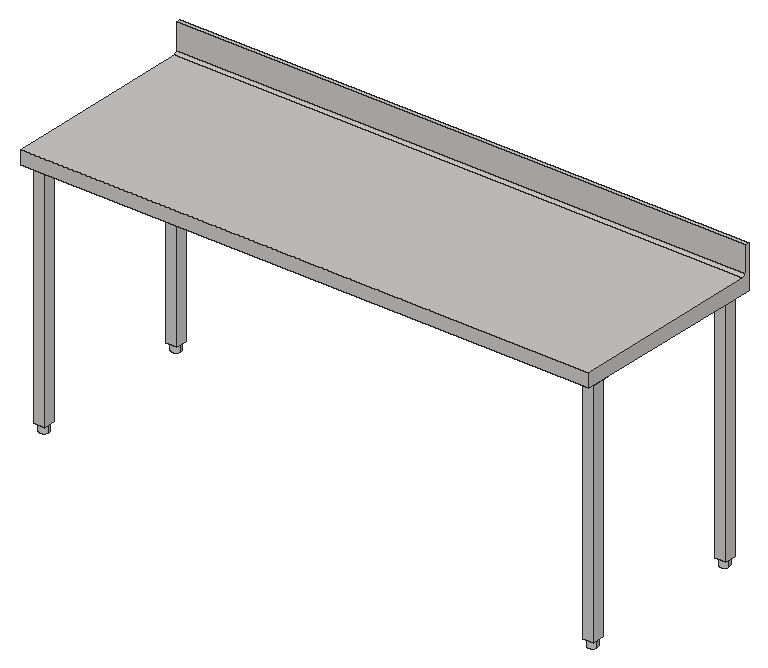
Revit family "QF_ELECTROLUXPROFESSIONAL_132850_WTD2017N", category Attrezzature speciali, Revit 2020
Family settings
  Quota connettore circolare = Usa diametro
  Tipo di parte = Normale
  Basato su piano di lavoro = No
  Sempre verticale = Sì
  Taglio con vuoti quando caricato = No
  Condiviso = No
  Punto di calcolo locali = No
Parameters (values of type "Standard")
  Weight = 63.00 kg
  Watts = 0 W
  Volts = 0 V
  URL Manufacturer = "https://www.electroluxprofessional.com/"
  URL = "https://www.electroluxprofessional.com/"
  Steam Supply Size = 0 mm
  Steam Supply Minimum Pressure = 0.0 Pa
  Steam Supply Maximum Pressure = 0.0 Pa
  Steam Consumption per Hour = 0
  Refrigeration Suction Line Size = 0.0 mm
  Refrigeration Liquid Line Size = 0.0 mm
  Refrigerant Compressor Remote = yes
  Prospetto di default = 0.0 mm
  Produttore = "Electrolux Professional"
  Phase = 0
  Modello = "WTD2017N"
  Length Actual = 2000.0 mm  # constant formula
  Item Number = "132850"
  Hot Water Size = 0 mm
  Height Actual = 900.0 mm  # constant formula
  HP = "0 HP"
  Gas Size = 0 mm
  Gas KW = 0
  Gas Input Pressure = 0 W
  Direct Waste Size = 0 mm
  Descrizione = "WORK TABLE+UPSTAND-DISASSEMBLED 2000MM"
  Depth Actual = 700.0 mm  # constant formula
  Cycle = 0 Hz
  Condensate Return Size = 0 mm
  Compressed Air Volume = 0.0 L/s
  Compressed Air Size = 0 mm
  Compressed Air Pressure = 0.0 Pa
  Cold Water Size = 0 mm
  Accessory = yes
Reference planes
  plane 1 "Center (Front/Back)": y = 0
  plane 2: z = 0
  plane 3 "Center (Left/Right)": x = -500
  plane 4 "LEFT": x = -1500
  plane 5 "RIGHT": x = 500
  plane 6 "BACK": y = 350
  plane 7 "FRONT": y = -350
  plane 8 "Base": z = 850
  plane 9 "TOP": z = 900
  plane 10: x = -1464.5
  plane 11: x = 464.5
  plane 12: y = 290
  plane 13: y = -290
Forms (mm)
  Extrusion 1, solid, material "QF_Finishes_Stainless Steel"
    sketch origin (-500, 0, 0) x (0, 1, 0) y (0, 0, 1)
      loop
        line (-350, 850) -> (350, 850) -> (350, 1000) -> (337, 1000) -> (337, 910)
        arc (337, 910) -> (334.071, 902.929) -> (327, 900) r 10
        line (327, 900) -> (-350, 900) -> (-350, 850)
    from 1000 to -1000
Lines and regions (mm)
  symbolic lines
    curve 1: line (500, 350, 900) -> (-1500, 350, 900)
    curve 2: line (-1500, 350, 900) -> (-1500, -350, 900)
    curve 3: line (-1500, -350, 900) -> (500, -350, 900)
    curve 4: line (500, -350, 900) -> (500, 350, 900)
    curve 5: line (500, 337, 900) -> (-1500, 337, 900)
Dimensions and locks
  plane 4 "LEFT" to plane 5 "RIGHT" = 2000.0 mm
  equal spacing: plane 4 "LEFT", plane 3 "Center (Left/Right)", plane 5 "RIGHT"
  locked: plane 8 "Base" to level at 850
  plane 4 "LEFT" to plane 10 = 35.5 mm
  plane 11 to plane 5 "RIGHT" = 35.5 mm
  plane 10 to plane 11 = 1929.0 mm
  locked: Extrusion 1 to level at 1000
  plane 9 "TOP" to level = 900.0 mm
  plane 6 "BACK" to plane 12 = 60.0 mm
  plane 13 to plane 7 "FRONT" = 60.0 mm
  plane 6 "BACK" to plane 7 "FRONT" = 700.0 mm
  plane 12 to plane 13 = 580.0 mm
  equal spacing: plane 6 "BACK", plane 1 "Center (Front/Back)", plane 7 "FRONT"
  aligned and locked: level to plane 2
  aligned and locked: plane 10 to nested 1
  aligned and locked: nested 1 to plane 13
  aligned and locked: plane 11 to nested 2
  aligned and locked: nested 2 to plane 13
  aligned and locked: plane 11 to nested 4
  aligned and locked: nested 4 to plane 12
  aligned and locked: plane 10 to nested 3
  aligned and locked: nested 3 to plane 12
  aligned and locked: Extrusion 1 to plane 4 "LEFT"
  aligned and locked: plane 5 "RIGHT" to Extrusion 1
  aligned and locked: curve 2 to plane 4 "LEFT"
Automatic sketch dimensions
  Extrusion 1 sketch curve to plane 7 "FRONT" = 0.0 mm
  Extrusion 1 sketch curve to plane 9 "TOP" = 0.0 mm
  Extrusion 1 sketch curve to plane 6 "BACK" = 0.0 mm
  Extrusion 1 sketch curve to plane 8 "Base" = 0.0 mm
  plane 9 "TOP" to Extrusion 1 sketch curve = 10.0 mm
  Extrusion 1 sketch curve to plane 6 "BACK" = 13.0 mm
  Extrusion 1 sketch curve to Extrusion 1 sketch curve = 90.0 mm
  curve 3 to plane 7 "FRONT" = 0.0 mm
  curve 5 to plane 5 "RIGHT" = 0.0 mm
  curve 4 to plane 6 "BACK" = 0.0 mm
  curve 5 to plane 6 "BACK" = 13.0 mm
Nested families
  nested 1: "FEET_40x40" at (-1464.5, -290, 0), type "FEET_40x40"
  nested 2: "FEET_40x40" at (464.5, -290, 0), type "FEET_40x40"
  nested 3: "FEET_40x40" at (-1464.5, 290, 0), type "FEET_40x40"
  nested 4: "FEET_40x40" at (464.5, 290, 0), type "FEET_40x40"
Definition of nested family "FEET_40x40"
  Parameters
    Default Elevation = 0.0 mm
    FEET = 850.0 mm
  Reference planes
    plane 1 "Center (Front/Back)": y = 0
    plane 2: z = 0
    plane 3 "Center (Left/Right)": x = 0
    plane 4: z = 850
  Forms (mm)
    Extrusion 1, solid
      sketch origin (0, 0, 0) x (1, 0, 0) y (0, 1, 0)
        loop
          line (-20, -20) -> (20, -20) -> (20, 20) -> (-20, 20) -> (-20, -20)
      from 25 to 845
    Extrusion 2, solid
      sketch origin (0, 0, 0) x (1, 0, 0) y (0, 1, 0)
        loop
          circle (0, 0) r 16
      from 0 to 25
    Extrusion 3, solid
      sketch origin (0, 0, 0) x (1, 0, 0) y (0, 1, 0)
        loop
          line (30, 30) -> (-30, 30) -> (-30, -30) -> (30, -30) -> (30, 30)
      from 845 to 850
  Lines and regions (mm)
    symbolic lines
      curve 1: line (0, -1.503, 0) -> (0, 1.508, 0)
      curve 2: line (1.561, 0, 0) -> (-1.439, 0, 0)
  Dimensions and locks
    "FEET": plane 4 to plane 2
    aligned and locked: level to plane 2
  Automatic sketch dimensions
    Extrusion 1 sketch curve to plane 3 "Center (Left/Right)" = 20.0 mm
    plane 3 "Center (Left/Right)" to Extrusion 1 sketch curve = 20.0 mm
    plane 1 "Center (Front/Back)" to Extrusion 1 sketch curve = 20.0 mm
    Extrusion 1 sketch curve to plane 1 "Center (Front/Back)" = 20.0 mm
    plane 1 "Center (Front/Back)" to Extrusion 2 sketch curve = 0.0 mm
    Extrusion 2 sketch curve to plane 3 "Center (Left/Right)" = 0.0 mm
    plane 3 "Center (Left/Right)" to Extrusion 3 sketch curve = 30.0 mm
    Extrusion 3 sketch curve to plane 1 "Center (Front/Back)" = 30.0 mm
    Extrusion 3 sketch curve to plane 3 "Center (Left/Right)" = 30.0 mm
    plane 1 "Center (Front/Back)" to Extrusion 3 sketch curve = 30.0 mm
    plane 1 "Center (Front/Back)" to curve 2 = 0.0 mm
    curve 1 to plane 3 "Center (Left/Right)" = 0.0 mm
    curve 2 to plane 3 "Center (Left/Right)" = 1.439 mm
    plane 3 "Center (Left/Right)" to curve 2 = 1.561 mm
    plane 1 "Center (Front/Back)" to curve 1 = 1.503 mm
    curve 1 to plane 1 "Center (Front/Back)" = 1.508 mm
    radius of Extrusion 2 sketch curve = 16.0 mm
